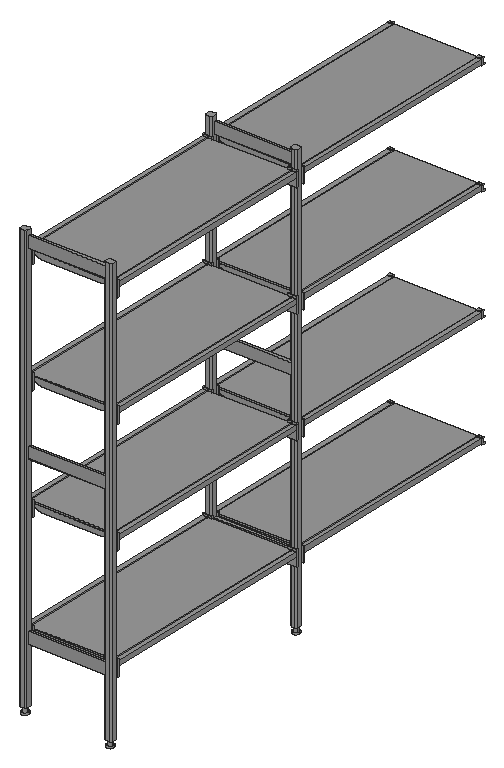
Revit family "QF_ZANUSSI_137062_ACS1840", category Attrezzature speciali, Revit 2020 (continued)
Definition of nested family "WT_Aggancio373"
  Dimensions and locks
    "Depth": plane 3 "BACK" to plane 4 "FRONT"
    "Dint": plane 7 to plane 8
    equal spacing: plane 7, plane 6 "Center (Front/Back)", plane 8
    equal spacing: plane 3 "BACK", plane 6 "Center (Front/Back)", plane 4 "FRONT"
    plane 9 "FEET" to level = 25.0 mm
    plane 5 "TOP" to plane 9 "FEET" = 1700.0 mm
    plane 10 to plane 9 "FEET" = 250.0 mm
    plane 11 to plane 10 = 450.0 mm
    plane 12 to plane 11 = 450.0 mm
    plane 13 to plane 12 = 450.0 mm
    locked: plane 3 "BACK" to plane 15 "CYBack" at 17.5
    locked: plane 16 "CYFront" to plane 4 "FRONT" at 17.5
    aligned and locked: level to plane 1
    aligned and locked: Extrusion 1 sketch curve to Extrusion 1 sketch curve  (x3)
  Automatic sketch dimensions
    plane 16 "CYFront" to Extrusion 1 sketch curve = 1.478 mm  (x4)
    Extrusion 1 sketch curve to Extrusion 1 sketch curve = 2.0 mm
    plane 8 to Extrusion 1 sketch curve = 3.478 mm  (x4)
    Extrusion 1 sketch curve to plane 10 = 4.006 mm
    Extrusion 1 sketch curve to Extrusion 1 sketch curve = 34.0 mm  (x4)
    Extrusion 1 sketch curve to plane 11 = 4.006 mm
    Extrusion 1 sketch curve to plane 12 = 4.006 mm
    Extrusion 1 sketch curve to plane 13 = 4.006 mm
    Extrusion 1 sketch curve to plane 7 = 37.522 mm  (x4)
    Extrusion 1 sketch curve to plane 7 = 3.522 mm  (x4)
    plane 14 to Extrusion 1 sketch curve = 3.516 mm  (x4)
    plane 14 to Extrusion 1 sketch curve = 1.522 mm  (x4)
    plane 10 to Extrusion 1 sketch curve = 7.998 mm  (x2)
    Extrusion 1 sketch curve to Extrusion 1 sketch curve = 11.498 mm  (x4)
    Extrusion 1 sketch curve to Extrusion 1 sketch curve = 6.499 mm  (x8)
    plane 11 to Extrusion 1 sketch curve = 7.998 mm  (x2)
    plane 12 to Extrusion 1 sketch curve = 7.998 mm  (x2)
    plane 13 to Extrusion 1 sketch curve = 7.998 mm  (x2)
    plane 2 "LEFT" to Extrusion 2 sketch curve = 0.0 mm  (x4)
    plane 13 to Extrusion 2 sketch curve = 7.996 mm
    plane 11 to Extrusion 2 sketch curve = 7.996 mm
    Extrusion 2 sketch curve to Extrusion 2 sketch curve = 5.0 mm  (x4)
    plane 11 to Extrusion 2 sketch curve = 2.494 mm
    plane 10 to Extrusion 2 sketch curve = 28.996 mm
    Extrusion 2 sketch curve to Extrusion 2 sketch curve = 3.0 mm  (x4)
    plane 10 to Extrusion 2 sketch curve = 7.996 mm
    plane 10 to Extrusion 2 sketch curve = 2.494 mm
    Extrusion 2 sketch curve to Extrusion 2 sketch curve = 18.0 mm  (x3)
    plane 12 to Extrusion 2 sketch curve = 2.494 mm
    plane 12 to Extrusion 2 sketch curve = 7.996 mm
    plane 13 to Extrusion 2 sketch curve = 2.494 mm
    plane 2 "LEFT" to Extrusion 3 sketch curve = 0.0 mm  (x4)
    plane 13 to Extrusion 3 sketch curve = 7.996 mm
    plane 11 to Extrusion 3 sketch curve = 7.996 mm
    Extrusion 3 sketch curve to Extrusion 3 sketch curve = 5.0 mm  (x4)
    plane 11 to Extrusion 3 sketch curve = 2.494 mm
    plane 10 to Extrusion 3 sketch curve = 28.996 mm
    Extrusion 3 sketch curve to Extrusion 3 sketch curve = 3.0 mm  (x4)
    plane 10 to Extrusion 3 sketch curve = 7.996 mm
    plane 10 to Extrusion 3 sketch curve = 2.494 mm
    Extrusion 3 sketch curve to Extrusion 3 sketch curve = 18.0 mm  (x3)
    plane 12 to Extrusion 3 sketch curve = 2.494 mm
    plane 12 to Extrusion 3 sketch curve = 7.996 mm
    plane 13 to Extrusion 3 sketch curve = 2.494 mm
    plane 2 "LEFT" to curve 1 = 5.0 mm
    plane 2 "LEFT" to curve 7 = 5.0 mm
    curve 1 to plane 16 "CYFront" = 17.5 mm
    curve 3 to plane 8 = 12.522 mm
    plane 7 to curve 5 = 12.478 mm
    curve 7 to plane 14 = 17.5 mm
    curve 5 to curve 5 = 4.0 mm
    curve 1 to curve 4 = 4.0 mm
    Extrusion 2 sketch curve to Extrusion 2 sketch curve = 4.0 mm  (x4)
    Extrusion 2 sketch curve to Extrusion 2 sketch curve = 8.969 mm  (x4)
    Extrusion 3 sketch curve to Extrusion 3 sketch curve = 4.0 mm  (x4)
    Extrusion 3 sketch curve to Extrusion 3 sketch curve = 8.969 mm  (x4)
